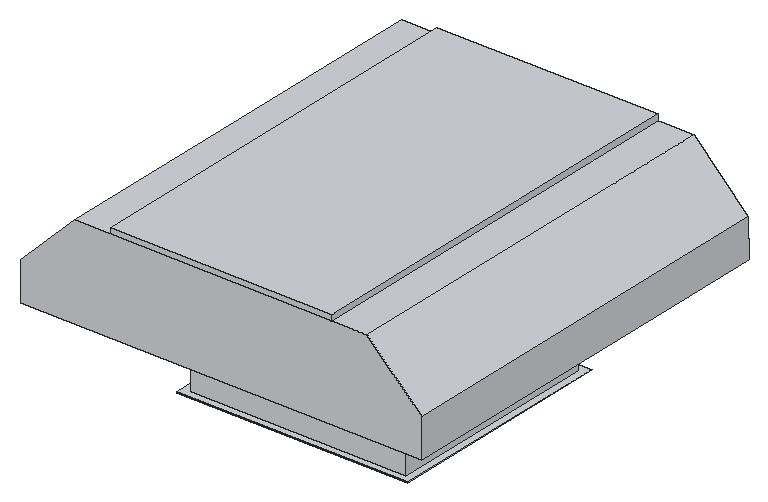
Revit family "HXFL", category Mechanical Equipment, Revit 2019
Family settings
  Round Connector Dimension = Use Diameter
  Part Type = Normal
  OmniClass Number = 23.75.35.17
  OmniClass Title = Fans
  Work Plane-Based = No
  Always vertical = Yes
  Cut with Voids When Loaded = No
  Shared = No
  Room Calculation Point = No
Parameters (values of type "48-HXFL")
  Unit Weight [instance] = ""
  Type_Mark [instance] = ""
  Sones [instance] = ""
  RO/2 = RO / 2  # 27 3/4"
  Motor RPM [instance] = ""
  Motor Enclosure [instance] = ""
  ModelID [instance] = ""
  LwA [instance] = ""
  W/2 = W / 2  # 54 1/2"
  L/2 = L / 2  # 55 1/2"
  RO = T_SQ - 4 1/2"  # 55 1/2"
  T_SQ/2 = T_SQ / 2  # 30"
  Fan RPM [instance] = ""
  T_SQ = 60"
  W = 109"
  L = 111"
  CURB_HEIGHT [instance] = 9 1/2"
  CURB [instance] = yes
  C/2 = C / 2  # 7 3/8"
  C = 14 3/4"
  Brake Hp [instance] = ""
  B/2 = B / 2  # 1 1/2"
  B-.125" = B - 1/8"  # 2 7/8"
  Accessories [instance] = ""
  A-C = A - C  # 29 3/4"
  B = 3"
  A/2 = A / 2  # 22 1/4"
  A-1.5" = A - 1 1/2"  # 43"
  A = 44 1/2"
  4" = 4"  # constant formula
  2' = 24"
  2" = 2"  # constant formula
  1" = 1"  # constant formula
  0 = 0"  # constant formula
  Voltage [instance] = 0 V
  URL = "www.lorencook.com"
  Type Comments = "Hooded Filtered Supply Ventilator Low-Pressure Steel Propeller Roof Mounted/Belt Drive"  # constant formula
  Static Pressure [instance] = 0.00 in-wg
  Power [instance] = Voltage * Motor FLA * sqrt(if(Phase = 3, 3, 1))  # 0 VA
  Phase [instance] = 0
  Number of Poles [instance] = 1
  Motor Hp [instance] = "0"
  Motor FLA [instance] = 0 A
  Model = "HXFL"  # constant formula
  Manufacturer = "Loren Cook Company"
  CFM [instance] = 0 CFM
  1.5 = 1 1/2"  # constant formula
  ONE EIGTH = 1/8"  # constant formula
  -L/2 = -L / 2  # -55 1/2"
  -(C/2) = -(C / 2)  # -7 3/8"
  -(A/2) = -(A / 2)  # -22 1/4"
  (T_SQ/2)-2" = (T_SQ / 2) - 2"  # 28"
  (T_SQ/2)+.125" = (T_SQ / 2) + 1/8"  # 30 1/8"
  (A-C)/2 = (A - C) / 2  # 14 7/8"
Types (9): name | RO/2 | W/2 | L/2 | RO | T_SQ/2 | T_SQ | W | L | C/2 | C | B/2 | B-.125" | A-C | B | A/2 | A-1.5" | A | -L/2 | -(C/2) | -(A/2) | (T_SQ/2)-2" | (T_SQ/2)+.125" | (A-C)/2
  (no name) | 27 3/4" | 54 1/2" | 55 1/2" | 55 1/2" | 30" | 60" | 109" | 111" | 7 3/8" | 14 3/4" | 1 1/2" | 2 7/8" | 29 3/4" | 3" | 22 1/4" | 43" | 44 1/2" | -55 1/2" | -7 3/8" | -22 1/4" | 28" | 30 1/8" | 14 7/8"
  20-HXFL | 13 3/4" | 29 1/2" | 29 1/2" | 27 1/2" | 16" | 32" | 59" | 59" | 5" | 10" | 1" | 1 7/8" | 18 3/4" | 2" | 14 3/8" | 27 1/4" | 28 3/4" | -29 1/2" | -5" | -14 3/8" | 14" | 16 1/8" | 9 3/8"
  30-HXFL | 18 3/4" | 40" | 40" | 37 1/2" | 21" | 42" | 80" | 80" | 5" | 10" | 1 1/2" | 2 7/8" | 23" | 3" | 16 1/2" | 31 1/2" | 33" | -40" | -5" | -16 1/2" | 19" | 21 1/8" | 11 1/2"
  36-HXFL | 21 3/4" | 45" | 45" | 43 1/2" | 24" | 48" | 90" | 90" | 5" | 10" | 1 1/2" | 2 7/8" | 28" | 3" | 19" | 36 1/2" | 38" | -45" | -5" | -19" | 22" | 24 1/8" | 14"
  42-HXFL | 24 3/4" | 45" | 55" | 49 1/2" | 27" | 54" | 90" | 110" | 6 3/4" | 13 1/2" | 1 1/2" | 2 7/8" | 28" | 3" | 20 3/4" | 40" | 41 1/2" | -55" | -6 3/4" | -20 3/4" | 25" | 27 1/8" | 14"
  48-HXFL | 27 3/4" | 54 1/2" | 55 1/2" | 55 1/2" | 30" | 60" | 109" | 111" | 7 3/8" | 14 3/4" | 1 1/2" | 2 7/8" | 29 3/4" | 3" | 22 1/4" | 43" | 44 1/2" | -55 1/2" | -7 3/8" | -22 1/4" | 28" | 30 1/8" | 14 7/8"
  54-HXFL | 30 3/4" | 59 1/2" | 60 1/2" | 61 1/2" | 33" | 66" | 119" | 121" | 7 3/8" | 14 3/4" | 1 1/2" | 2 7/8" | 29 3/4" | 3" | 22 1/4" | 43" | 44 1/2" | -60 1/2" | -7 3/8" | -22 1/4" | 31" | 33 1/8" | 14 7/8"
  60-HXFL | 33 3/4" | 59 1/2" | 73" | 67 1/2" | 36" | 72" | 119" | 146" | 7 3/8" | 14 3/4" | 1 1/2" | 2 7/8" | 29 3/4" | 3" | 22 1/4" | 43" | 44 1/2" | -73" | -7 3/8" | -22 1/4" | 34" | 36 1/8" | 14 7/8"
  24-HXFL | 15 3/4" | 34 1/2" | 34 1/2" | 31 1/2" | 18" | 36" | 69" | 69" | 5" | 10" | 1 1/2" | 2 7/8" | 20 1/2" | 3" | 15 1/4" | 29" | 30 1/2" | -34 1/2" | -5" | -15 1/4" | 16" | 18 1/8" | 10 1/4"
Reference planes (in)
  plane 1 "Center (Front/Back)": y = 0
  plane 2: z = 0
  plane 3 "Center (Left/Right)": x = 0.40541
Forms (in)
  Extrusion 1, solid
    sketch origin (0, 0, 0) x (1, 0, 0) y (0, 1, 0)
      loop
        line (-29.71959, 30.125) -> (-29.71959, -30.125) -> (30.53041, -30.125) -> (30.53041, 30.125) -> (-29.71959, 30.125)
    from 0 to 3 <- "B"
  Extrusion 2, void
    sketch origin (0, 0, 0) x (1, 0, 0) y (0, 1, 0)
      loop
        line (-29.59459, 30) -> (-29.59459, -30) -> (30.40541, -30) -> (30.40541, 30) -> (-29.59459, 30)
    from 0 to 2.875 <- "B-.125""
  Revolve 3, solid
    sketch origin (0, 0, 0) x (1, 0, 0) y (0, 0, 1)
      loop
        line (0.40541, 3) -> (28.40541, 3)
        arc (28.40541, 3) -> (21.03041, 10.375) -> (28.40541, 17.75) r 7.375
        line (28.40541, 17.75) -> (0.40541, 17.75) -> (0.40541, 3)
      axis (0.40541, 17.75) -> (0.40541, 3)
    angle from 0 to 360
  Extrusion 4, solid
    sketch origin (0, 0, 0) x (1, 0, 0) y (0, 0, 1)
      loop
        line (-54.09459, 17.75) -> (54.90541, 17.75) -> (54.90541, 43) -> (-54.09459, 43) -> (-54.09459, 17.75)
    from -55.5 <- "-L/2" to 55.5 <- "L/2"
  Extrusion 5, solid
    sketch origin (0, 0, 0) x (1, 0, 0) y (0, 0, 1)
      loop
        line (-29.59459, 43) -> (30.40541, 43) -> (30.40541, 44.5) -> (-29.59459, 44.5) -> (-29.59459, 43)
    from 55.5 <- "L/2" to -55.5 <- "-L/2"
  Extrusion 6, void
    sketch origin (0, 0, 0) x (1, 0, 0) y (0, 0, 1)
      loop
        line (40.03041, 43) -> (54.90541, 28.125) -> (54.90541, 43) -> (40.03041, 43)
      loop
        line (-39.21959, 43) -> (-54.09459, 43) -> (-54.09459, 28.125) -> (-39.21959, 43)
    from 55.5 <- "L/2" to -55.5 <- "-L/2"
  Extrusion 7, solid, visible <- "CURB"
    sketch origin (0, 0, 2.875) x (0, 1, 0) y (1, 0, 0)
      loop
        line (27.75, -27.34459) -> (27.75, 28.15541) -> (-27.75, 28.15541) -> (-27.75, -27.34459) -> (27.75, -27.34459)
      loop
        line (-29.25, 29.65541) -> (-29.25, -28.84459) -> (29.25, -28.84459) -> (29.25, 29.65541) -> (-29.25, 29.65541)
    from 0 to 9.5 <- "CURB_HEIGHT"
  Extrusion 8, solid, visible <- "CURB"
    sketch origin (0, 0, -6.625) x (-1, 0, 0) y (0, 1, 0)
      loop
        line (28.84459, -29.25) -> (28.84459, 29.25) -> (-29.65541, 29.25) -> (-29.65541, -29.25) -> (28.84459, -29.25)
      loop
        line (-31.65541, 31.25) -> (-31.65541, -31.25) -> (30.84459, -31.25) -> (30.84459, 31.25) -> (-31.65541, 31.25)
    from 0 to -0.125
Cuts and joins
  Extrusion 2 cuts Extrusion 1
  Extrusion 6 cuts Extrusion 4
  Extrusion 6 cuts Extrusion 5
Dimensions and locks (in)
  "(T_SQ/2)+.125"": Extrusion 1 sketch curve to plane 3 "Center (Left/Right)"
  "(T_SQ/2)+.125"": plane 3 "Center (Left/Right)" to Extrusion 1 sketch curve
  "(T_SQ/2)+.125"": plane 1 "Center (Front/Back)" to Extrusion 1 sketch curve
  "(T_SQ/2)+.125"": Extrusion 1 sketch curve to plane 1 "Center (Front/Back)"
  "T_SQ/2": Extrusion 2 sketch curve to plane 3 "Center (Left/Right)"
  "T_SQ/2": plane 3 "Center (Left/Right)" to Extrusion 2 sketch curve
  "T_SQ/2": plane 1 "Center (Front/Back)" to Extrusion 2 sketch curve
  "T_SQ/2": Extrusion 2 sketch curve to plane 1 "Center (Front/Back)"
  "C": Revolve 3 sketch curve to cut or joined group of Extrusion 1, Extrusion 2
  "(T_SQ/2)-2"": Revolve 3 sketch curve to plane 3 "Center (Left/Right)"
  "0": Revolve 3 sketch curve to plane 3 "Center (Left/Right)"  (x2)
  "0": Revolve 3 sketch curve to cut or joined group of Extrusion 1, Extrusion 2
  "A-1.5"": Extrusion 4 sketch curve to level
  "0": Extrusion 4 sketch curve to Revolve 3
  "W/2": Extrusion 4 sketch curve to plane 3 "Center (Left/Right)"  (x2)
  "0": Extrusion 5 sketch curve to Extrusion 4
  "1.5": Extrusion 5 sketch curve to Extrusion 5 sketch curve
  "T_SQ/2": Extrusion 5 sketch curve to plane 3 "Center (Left/Right)"
  "T_SQ/2": plane 3 "Center (Left/Right)" to Extrusion 5 sketch curve
  "0": Extrusion 6 sketch curve to Extrusion 4  (x3)
  "0": Extrusion 4 to Extrusion 6 sketch curve
  "(A-C)/2": Extrusion 6 sketch curve to Extrusion 6 sketch curve  (x4)
  "1.5": Extrusion 7 sketch curve to Extrusion 7 sketch curve  (x4)
  "RO/2": Extrusion 7 sketch curve to plane 3 "Center (Left/Right)"
  "RO/2": plane 3 "Center (Left/Right)" to Extrusion 7 sketch curve
  "RO/2": plane 1 "Center (Front/Back)" to Extrusion 7 sketch curve
  "RO/2": Extrusion 7 sketch curve to plane 1 "Center (Front/Back)"
  "2"": Extrusion 8 sketch curve to Extrusion 8 sketch curve  (x4)
  "0": Extrusion 7 to Extrusion 8 sketch curve
  "0": Extrusion 8 sketch curve to Extrusion 7  (x3)
Automatic sketch dimensions
  Revolve 3 sketch curve to level = 4"
  Revolve 3 sketch curve to Revolve 3 sketch curve = 0"
Connectors (in)
  hvac at (0.40541, 0, 2.875), driven by "RO", driven by "RO", driven by "CFM"
    settings: on cut or joined group of Extrusion 1, Extrusion 2, index 1, duct flow 0 CFM, flow factor 0, pres drop 0.00 in-wg, loss coef 0, conn angle 0.00°, conn width 55 1/2", conn height 55 1/2", conn diameter 24", duct sys type 1, conn prof type 1, flow config 0, flow direction 2, loss method 0, conn ref index -1, conn util no, is conn primary yes, conn desc ""
  electrical at (0.40541, 0, 2.875)
    settings: on cut or joined group of Extrusion 1, Extrusion 2, index 2, voltage 0 V, apparent load 0 VA, apparent load phase1 0 VA, apparent load phase2 0 VA, apparent load phase3 0 VA, power factor 1, load classification "Other", number of poles 1, system type 30, power factor state 1, is connector primary yes, connector utility no, sub classification motor no, connector description ""
